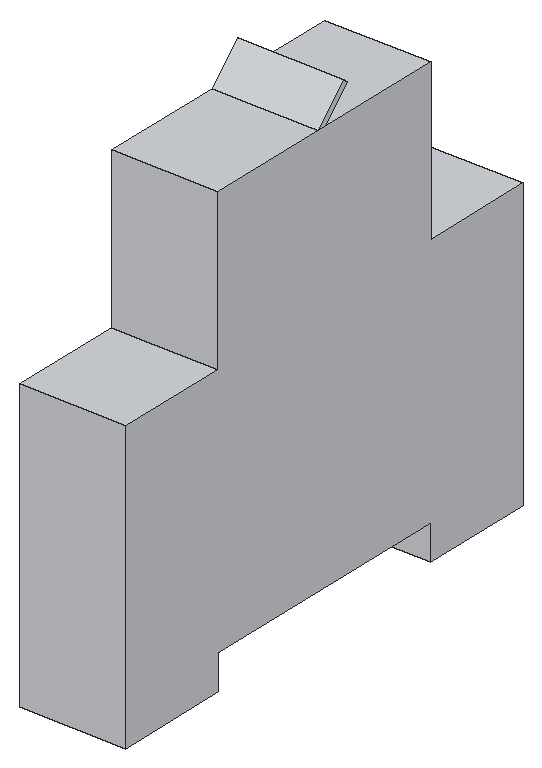
Revit family "Power-ModularDevices-GEWISS-90AM-RELASES_MPS", category Apparecchi elettrici, host Superficie, Revit 2016
Family settings
  Host = Superficie
  Mantenere orientamento annotazione = Sì
  Tipo di parte = Normale
  Quota connettore circolare = Usa diametro
  Numero OmniClass = 23.80.50.00
  Titolo OmniClass = Terminals for Power Supply
  Taglio con vuoti quando caricato = No
  Condiviso = No
  Punto di calcolo locali = Sì
Parameters (values of type "GW96770 - UNDER VOLTAGE RELEASES MPS 400V")
  potenza in watt = 0 V
  carico = Altro
  Version file RFA = "18.0"
  URL = "https://www.gewiss.com/ww/en"
  Technical sheet = "https://www.gewiss.com/ww/en/search?q=GW96770"
  Spostamento_x = -340 mm
  SS [instance] = 69.967 mm
  SIMBOLO IN PIANTA [instance] = yes
  SEO = "Release"
  Realized by GEWISS S.p.A. = ""
  Rated voltage (V) = "400 ac"
  Rated voltage = "400Vac"
  Default Elevation = 1219.2 mm
  Produttore = "GEWISS S.p.A."
  Numero di poli = 1
  Spost_x_eff [instance] = 4000 mm + Spostamento_x  # 3660 mm
  No. of modules EN 50022 = "1"
  No. Chorus modules = "1"
  Modello = "GW96770"
  Immagine tipo = GW96770.jpg
  IFC.TypeObject = ""
  IFC.ExportType = ""
  IFC.ExportAs = ""
  IDT = "b0d06194-5e63-4575-adf9-f55bbd5faea3"
  IDF = "0853d5eb-5065-40ff-990a-670f492df11c"
  Electrocod = "140"
  EAN code = "8011564189911"
  Descrizione = "UNDER VOLTAGE RELEASES MPS 400V"
  Catalogue Range = "90 AM"
  Catalogue = "POWER"
  COBie.Tagnumber = ""
  COBie.CreatedOn = ""
  COBie.CreatebBy = ""
  COBie.ComponentRegisterItemID = ""
  COBie.Component.TagNumber = ""
  COBie.Component.Space = ""
  COBie.Component.SerialNumber = ""
  COBie.Component.InstallationDate = ""
  COBie.Component.Description = ""
  COBie.Component.BarCode = ""
  Barra_DIN [instance] = 0 mm
Types (4, lengths in mm): name | URL | Technical sheet | Rated voltage (V) | Rated voltage | Produttore | Modello | Immagine tipo | IDT | EAN code | Descrizione
  (no name) | 0 | "" | "" | "" | "GEWISS" | "GW96767" | GW96767.jpg | "" | "" | "SGANCIATORE A LANCIO DI CORRENTE 110 - 415V AC SALVAMOTORI"
  GW96770 - UNDER VOLTAGE RELEASES MPS 400V | "https://www.gewiss.com/ww/en" | "https://www.gewiss.com/ww/en/search?q=GW96770" | "400 ac" | "400Vac" | "GEWISS S.p.A." | "GW96770" | GW96770.jpg | "b0d06194-5e63-4575-adf9-f55bbd5faea3" | "8011564189911" | "UNDER VOLTAGE RELEASES MPS 400V"
  GW96769 - UNDER VOLTAGE RELEASES MPS 230V | "https://www.gewiss.com/ww/en" | "https://www.gewiss.com/ww/en/search?q=GW96769" | "230 ac" | "230Vac" | "GEWISS S.p.A." | "GW96769" | GW96769.jpg | "a46d783c-e834-462a-9e2f-19feb5bf3703" | "8011564189904" | "UNDER VOLTAGE RELEASES MPS 230V"
  GW96767 - SHUNT TRIP RELEASES MPS 110-415 V | "https://www.gewiss.com/ww/en" | "https://www.gewiss.com/ww/en/search?q=GW96767" | "110-415 ac" | "110-415Vac" | "GEWISS S.p.A." | "GW96767" | GW96767.jpg | "cb93e548-afa2-4ae8-b72c-82a38f91545a" | "8011564189881" | "SHUNT TRIP RELEASES MPS 110-415 V"
Values of the unnamed type that differ from the named types
  Version file RFA = ""
  SEO = ""
  No. of modules EN 50022 = ""
  No. Chorus modules = ""
  IDF = ""
  Electrocod = ""
  Catalogue Range = ""
  Catalogue = ""
Reference planes
  plane 1 "Centro (Fronte/Retro)": y = 0
  plane 2: z = 0
  plane 3 "Centro (Sinistra/Destra)": x = 0
  plane 4: z = 0
Dimensions and locks
  "Barra_DIN": host face to plane 4
  aligned and locked: plane 2 to host face
  aligned and locked: level to host face
  aligned and locked: plane 3 "Centro (Sinistra/Destra)" to nested 1
  aligned and locked: plane 1 "Centro (Fronte/Retro)" to nested 1
Automatic sketch dimensions
  host sketch curve to host sketch curve = 6519.2 mm
  host sketch curve to host sketch curve = 4328.142 mm
Nested families
  nested 1: "GENERICO - 90AM SGANCIATORI PER SALVAMOTORI" at (0, 0, 7), type "GENERICO - 90AM SGANCIATORI PER SALVAMOTORI"
  nested 2: "MIN TEN" at (0, 79.476, 0), visible <- "SIMBOLO IN PIANTA", type "MIN TEN"
Connectors
  electrical at (0, 42, 25.5)
    settings: on nested 1, index 1, voltage 0 V, apparent load 0 VA, apparent load phase1 0 VA, apparent load phase2 0 VA, apparent load phase3 0 VA, power factor 1, load classification "Altro", number of poles 1, system type 31, power factor state 1, is connector primary yes, connector utility no, sub classification motor no, connector description ""
Definition of nested family "GENERICO - 90AM SGANCIATORI PER SALVAMOTORI"
  Parameters (values of type "GENERICO - 90AM SGANCIATORI PER SALVAMOTORI")
    h_barra din = if(Altezza barre = 1 mm, 69.9 mm, if(Altezza barre = 2 mm, 115.8 mm, 0 mm))  # 0 mm
    Default Elevation = 1219.2 mm
    H = if(AB_O = 1, AB_V, if(AB_O = 2, AB_H, 50.8 mm))  # 50.8 mm
    Dist barra din = 0 mm  # constant formula
    C1 = 49 mm  # constant formula
    C = 70 mm  # constant formula
    B = 84 mm  # constant formula
    Altezza barre = 5 mm  # constant formula
    AB_V = 3 mm  # constant formula
    AB_H = 5 mm  # constant formula
    AB_O = 0  # constant formula
    A = 18 mm  # constant formula
  Reference planes
    plane 1 "Centro (Fronte/Retro)": y = 0
    plane 2: z = 0
    plane 3 "Centro (Sinistra/Destra)": x = 0
    plane 4: y = -42
    plane 5: y = 42
    plane 6: z = 0
    plane 7: z = -6
    plane 8 "top": z = 70
    plane 9 "incasso": z = 43
    plane 10: y = -22.5
    plane 11: y = 22.5
    plane 12: x = -9
    plane 13: x = 9
    plane 14: through (4267.2, -42.5, 9) normal (0, -0.1901, 0.9818)
    plane 15 "POSIZIONE": z = 70
    plane 16: y = 3.75
    plane 17: y = -3.75
    plane 18: through (-18, -1524, 18.5) normal (-0.891, 0, -0.454)
    plane 19: through (-36.892, 84.001, 1200) normal (0.9205, -0.3907, 0)
    plane 20: through (63.319, -123.627, 1200) normal (-0.9925, 0.1219, 0)
    plane 21: x = -4
    plane 22: x = 4
    plane 23: z = 65
    plane 24: x = -1.458
    plane 25: x = 1.458
  Forms (mm)
    Extrusion 1, solid
      sketch origin (0, 0, 0) x (0, 1, 0) y (0, 0, 1)
        loop
          line (-22.5, 0) -> (22.5, 0) -> (22.5, -6) -> (42, -6) -> (42, 43) -> (22.5, 43) -> (22.5, 70) -> (-22.5, 70) -> (-22.5, 43) -> (-42, 43) -> (-42, -6) -> (-22.5, -6) -> (-22.5, 0)
      from -9 to 9
    Extrusion 2, solid
      sketch origin (0, 0, 0) x (0, 1, 0) y (0, 0, 1)
        loop
          line (0, 70) -> (4.778, 74.778) -> (4.175, 75.38) -> (-1.206, 70) -> (0, 70)
      from -9 to 9
  Lines and regions (mm)
    symbolic lines
      curve 1: line (0, 0, 15) -> (0, 0, -6)
      curve 2: line (0, -22.5, 0) -> (0, 22.5, 0)
    model lines
      curve 3: line (-9, 42, 43) -> (-9, 22.5, 43)
      curve 4: line (9, 42, 43) -> (9, 22.5, 43)
      curve 5: line (-9, -22.5, 43) -> (-9, -42, 43)
      curve 6: line (9, -22.5, 43) -> (9, -42, 43)
      curve 7: line (-9, 22.5, 70) -> (-9, 3.75, 70)
      curve 8: line (9, 22.5, 70) -> (9, 3.75, 70)
    model lines, detail levels medium+fine
      curve 9: line (-0.24, 35.673, 43) -> (-1.534, 35.326, 43)
      curve 10: line (-1.534, 35.326, 43) -> (-2.481, 34.38, 43)
      curve 11: line (-2.481, 34.38, 43) -> (-2.827, 33.086, 43)
      curve 12: line (-2.827, 33.086, 43) -> (-2.481, 31.793, 43)
      curve 13: line (-2.481, 31.793, 43) -> (-1.534, 30.846, 43)
      curve 14: line (-1.534, 30.846, 43) -> (-0.24, 30.499, 43)
      curve 15: line (-0.24, 30.499, 43) -> (1.053, 30.846, 43)
      curve 16: line (1.053, 30.846, 43) -> (2, 31.793, 43)
      curve 17: line (2, 31.793, 43) -> (2.346, 33.086, 43)
      curve 18: line (2.346, 33.086, 43) -> (2, 34.38, 43)
      curve 19: line (2, 34.38, 43) -> (1.053, 35.326, 43)
      curve 20: line (1.053, 35.326, 43) -> (-0.24, 35.673, 43)
      curve 21: line (-4.968, -8.819, 70) -> (-4.968, -1.206, 70)
      curve 22: line (5.016, -1.206, 70) -> (5.016, -8.819, 70)
      curve 23: line (-9, -8.819, 70) -> (9, -8.819, 70)
      curve 24: line (3.52, 10.436, 70) -> (8.796, 8.244, 70)
      curve 25: line (-8.749, 8.244, 70) -> (-3.473, 10.436, 70)
      curve 26: line (-9, -13.819, 70) -> (9, -13.819, 70)
      curve 112: line (-9, 10.436, 70) -> (9, 10.436, 70)
      curve 113: line (-1.513, -42, 43) -> (-1.513, -29.5, 43)
      curve 114: line (-1.513, -29.5, 43) -> (6, -29.5, 43)
      curve 115: line (6, -29.5, 43) -> (6, -42, 43)
      curve 116: line (1.968, -28.292, 43) -> (0.804, -27.98, 43)
      curve 117: line (0.804, -27.98, 43) -> (-0.048, -27.128, 43)
      curve 118: line (-0.048, -27.128, 43) -> (-0.36, -25.964, 43)
      curve 119: line (-0.36, -25.964, 43) -> (-0.048, -24.8, 43)
      curve 120: line (-0.048, -24.8, 43) -> (0.804, -23.948, 43)
      curve 121: line (0.804, -23.948, 43) -> (1.968, -23.636, 43)
      curve 122: line (1.968, -23.636, 43) -> (3.132, -23.948, 43)
      curve 123: line (3.132, -23.948, 43) -> (3.984, -24.8, 43)
      curve 124: line (3.984, -24.8, 43) -> (4.296, -25.964, 43)
      curve 125: line (4.296, -25.964, 43) -> (3.984, -27.128, 43)
      curve 126: line (3.984, -27.128, 43) -> (3.132, -27.98, 43)
      curve 127: line (3.132, -27.98, 43) -> (1.968, -28.292, 43)
      curve 128: line (1.968, -35.534, 43) -> (0.933, -35.256, 43)
      curve 129: line (0.933, -35.256, 43) -> (0.176, -34.499, 43)
      curve 130: line (0.176, -34.499, 43) -> (-0.102, -33.464, 43)
      curve 131: line (-0.102, -33.464, 43) -> (0.176, -32.429, 43)
      curve 132: line (0.176, -32.429, 43) -> (0.933, -31.672, 43)
      curve 133: line (0.933, -31.672, 43) -> (1.968, -31.395, 43)
      curve 134: line (1.968, -31.395, 43) -> (3.003, -31.672, 43)
      curve 135: line (3.003, -31.672, 43) -> (3.76, -32.429, 43)
      curve 136: line (3.76, -32.429, 43) -> (4.037, -33.464, 43)
      curve 137: line (4.037, -33.464, 43) -> (3.76, -34.499, 43)
      curve 138: line (3.76, -34.499, 43) -> (3.003, -35.256, 43)
      curve 139: line (3.003, -35.256, 43) -> (1.968, -35.534, 43)
      curve 140: line (1.968, -40.534, 43) -> (0.933, -40.256, 43)
      curve 141: line (0.933, -40.256, 43) -> (0.176, -39.499, 43)
      curve 142: line (0.176, -39.499, 43) -> (-0.102, -38.464, 43)
      curve 143: line (-0.102, -38.464, 43) -> (0.176, -37.429, 43)
      curve 144: line (0.176, -37.429, 43) -> (0.933, -36.672, 43)
      curve 145: line (0.933, -36.672, 43) -> (1.968, -36.395, 43)
      curve 146: line (1.968, -36.395, 43) -> (3.003, -36.672, 43)
      curve 147: line (3.003, -36.672, 43) -> (3.76, -37.429, 43)
      curve 148: line (3.76, -37.429, 43) -> (4.037, -38.464, 43)
      curve 149: line (4.037, -38.464, 43) -> (3.76, -39.499, 43)
      curve 150: line (3.76, -39.499, 43) -> (3.003, -40.256, 43)
      curve 151: line (3.003, -40.256, 43) -> (1.968, -40.534, 43)
    model lines, detail levels fine
      curve 27: line (-5.053, -19.459, 70) -> (-5.053, -21.475, 70)
      curve 28: line (-5.053, -21.475, 70) -> (-5.728, -21.475, 70)
      curve 29: line (-5.728, -21.475, 70) -> (-6.12, -21.426, 70)
      curve 30: line (-6.12, -21.426, 70) -> (-6.599, -21.214, 70)
      curve 31: line (-6.599, -21.214, 70) -> (-6.98, -20.861, 70)
      curve 32: line (-6.98, -20.861, 70) -> (-7.232, -20.385, 70)
      curve 33: line (-7.232, -20.385, 70) -> (-7.31, -19.878, 70)
      curve 34: line (-7.31, -19.878, 70) -> (-7.234, -19.41, 70)
      curve 35: line (-7.234, -19.41, 70) -> (-7.032, -18.998, 70)
      curve 36: line (-7.032, -18.998, 70) -> (-6.669, -18.622, 70)
      curve 37: line (-6.669, -18.622, 70) -> (-6.229, -18.394, 70)
      curve 38: line (-6.229, -18.394, 70) -> (-5.735, -18.312, 70)
      curve 39: line (-5.735, -18.312, 70) -> (-5.053, -18.312, 70)
      curve 40: line (-5.053, -18.312, 70) -> (-5.053, -19.181, 70)
      curve 41: line (-5.053, -19.181, 70) -> (-6.2, -19.181, 70)
      curve 42: line (-6.2, -19.181, 70) -> (-6.2, -20.606, 70)
      curve 43: line (-6.2, -20.606, 70) -> (-5.921, -20.606, 70)
      curve 44: line (-5.921, -20.606, 70) -> (-5.921, -19.459, 70)
      curve 45: line (-5.921, -19.459, 70) -> (-5.053, -19.459, 70)
      curve 46: line (-2.324, -21.475, 70) -> (-4.775, -21.475, 70)
      curve 47: line (-4.775, -21.475, 70) -> (-4.775, -18.312, 70)
      curve 48: line (-4.775, -18.312, 70) -> (-3.471, -18.312, 70)
      curve 49: line (-3.471, -18.312, 70) -> (-3.471, -19.181, 70)
      curve 50: line (-3.471, -19.181, 70) -> (-3.906, -19.181, 70)
      curve 51: line (-3.906, -19.181, 70) -> (-3.906, -19.459, 70)
      curve 52: line (-3.906, -19.459, 70) -> (-2.325, -19.459, 70)
      curve 53: line (-2.325, -19.459, 70) -> (-2.325, -20.328, 70)
      curve 54: line (-2.325, -20.328, 70) -> (-3.906, -20.328, 70)
      curve 55: line (-3.906, -20.328, 70) -> (-3.906, -20.606, 70)
      curve 56: line (-3.906, -20.606, 70) -> (-2.324, -20.606, 70)
      curve 57: line (-2.324, -20.606, 70) -> (-2.324, -21.475, 70)
      curve 58: line (2.107, -21.475, 70) -> (2.107, -19.459, 70)
      curve 59: line (2.107, -19.459, 70) -> (1.238, -19.459, 70)
      curve 60: line (1.238, -19.459, 70) -> (1.238, -21.475, 70)
      curve 61: line (1.238, -21.475, 70) -> (2.107, -21.475, 70)
      curve 62: line (-0.804, -21.475, 70) -> (-0.543, -20.172, 70)
      curve 63: line (-0.543, -20.172, 70) -> (-0.282, -21.475, 70)
      curve 64: line (-0.282, -21.475, 70) -> (0.587, -21.475, 70)
      curve 65: line (0.587, -21.475, 70) -> (1.125, -19.181, 70)
      curve 66: line (1.125, -19.181, 70) -> (2.107, -19.181, 70)
      curve 67: line (2.107, -19.181, 70) -> (2.107, -18.312, 70)
      curve 68: line (2.107, -18.312, 70) -> (0.439, -18.312, 70)
      curve 69: line (0.439, -18.312, 70) -> (0.126, -19.65, 70)
      curve 70: line (0.126, -19.65, 70) -> (-0.091, -18.312, 70)
      curve 71: line (-0.091, -18.312, 70) -> (-0.995, -18.312, 70)
      curve 72: line (-0.995, -18.312, 70) -> (-1.212, -19.65, 70)
      curve 73: line (-1.212, -19.65, 70) -> (-1.525, -18.312, 70)
      curve 74: line (-1.525, -18.312, 70) -> (-3.193, -18.312, 70)
      curve 75: line (-3.193, -18.312, 70) -> (-3.193, -19.181, 70)
      curve 76: line (-3.193, -19.181, 70) -> (-2.211, -19.181, 70)
      curve 77: line (-2.211, -19.181, 70) -> (-1.674, -21.475, 70)
      curve 78: line (-1.674, -21.475, 70) -> (-0.804, -21.475, 70)
      curve 79: line (4.836, -18.312, 70) -> (2.385, -18.312, 70)
      curve 80: line (2.385, -18.312, 70) -> (2.385, -20.328, 70)
      curve 81: line (2.385, -20.328, 70) -> (3.967, -20.328, 70)
      curve 82: line (3.967, -20.328, 70) -> (3.967, -20.606, 70)
      curve 83: line (3.967, -20.606, 70) -> (2.385, -20.606, 70)
      curve 84: line (2.385, -20.606, 70) -> (2.385, -21.475, 70)
      curve 85: line (2.385, -21.475, 70) -> (4.836, -21.475, 70)
      curve 86: line (4.836, -21.475, 70) -> (4.836, -19.459, 70)
      curve 87: line (4.836, -19.459, 70) -> (3.254, -19.459, 70)
      curve 88: line (3.254, -19.459, 70) -> (3.254, -19.181, 70)
      curve 89: line (3.254, -19.181, 70) -> (4.836, -19.181, 70)
      curve 90: line (4.836, -19.181, 70) -> (4.836, -18.312, 70)
      curve 91: line (5.114, -18.312, 70) -> (5.114, -20.328, 70)
      curve 92: line (5.114, -20.328, 70) -> (6.589, -20.328, 70)
      curve 93: line (6.589, -20.328, 70) -> (6.589, -20.606, 70)
      curve 94: line (6.589, -20.606, 70) -> (5.114, -20.606, 70)
      curve 95: line (5.114, -20.606, 70) -> (5.114, -21.475, 70)
      curve 96: line (5.114, -21.475, 70) -> (5.983, -21.475, 70)
      curve 97: line (5.983, -21.475, 70) -> (6.485, -21.314, 70)
      curve 98: line (6.485, -21.314, 70) -> (6.808, -21.103, 70)
      curve 99: line (6.808, -21.103, 70) -> (7.179, -20.648, 70)
      curve 100: line (7.179, -20.648, 70) -> (7.352, -20.137, 70)
      curve 101: line (7.352, -20.137, 70) -> (7.357, -19.684, 70)
      curve 102: line (7.357, -19.684, 70) -> (7.31, -19.459, 70)
      curve 103: line (7.31, -19.459, 70) -> (5.983, -19.459, 70)
      curve 104: line (5.983, -19.459, 70) -> (5.983, -19.181, 70)
      curve 105: line (5.983, -19.181, 70) -> (7.191, -19.181, 70)
      curve 106: line (7.191, -19.181, 70) -> (7.034, -18.919, 70)
      curve 107: line (7.034, -18.919, 70) -> (6.808, -18.684, 70)
      curve 108: line (6.808, -18.684, 70) -> (6.494, -18.478, 70)
      curve 109: line (6.494, -18.478, 70) -> (6.165, -18.358, 70)
      curve 110: line (6.165, -18.358, 70) -> (5.796, -18.312, 70)
      curve 111: line (5.796, -18.312, 70) -> (5.114, -18.312, 70)
  Text (mm)
    text "AB_V" at (0, 50.868, 44.72), in view "Destra"
    text "AB_O" at (0, -80.659, 111.963), in view "Destra"
    text "AB_O" at (-90.351, 0, 31.414), in view "Anteriore"
    text "AB_V=0" at (25.467, -49.469, 0), in view "Livello rif."
  Dimensions and locks
    equal spacing: plane 4, plane 1 "Centro (Fronte/Retro)", plane 5
    "B": plane 4 to plane 5
    "Dist barra din": plane 6 to level
    locked: plane 6 to plane 7 at 6
    "C": plane 15 "POSIZIONE" to plane 6
    equal spacing: plane 10, plane 1 "Centro (Fronte/Retro)", plane 11
    plane 10 to plane 11 = 45 mm
    equal spacing: plane 12, plane 3 "Centro (Sinistra/Destra)", plane 13
    "A": plane 12 to plane 13
    "C1": plane 9 "incasso" to plane 7
    plane 12 to plane 13 = 18 mm
    equal spacing: plane 21, plane 3 "Centro (Sinistra/Destra)", plane 22
    equal spacing: plane 17, plane 1 "Centro (Fronte/Retro)", plane 16
    plane 17 to plane 16 = 7.5 mm
    locked: plane 15 "POSIZIONE" to plane 23 at 5
    equal spacing: plane 24, plane 3 "Centro (Sinistra/Destra)", plane 25
    angle level to plane 14 = 10.9557°
    angle plane 4 to plane 8 "top" = 90.00°
    angle plane 15 "POSIZIONE" to plane 13 = 90.00°
    angle plane 7 to plane 18 = 117.00°
    angle plane 19 to plane 20 = 16.00°
    angle plane 20 to plane 13 = 7.00°
    aligned and locked: level to plane 2
    aligned and locked: Extrusion 1 sketch curve to plane 6
    aligned and locked: Extrusion 1 sketch curve to plane 7
    aligned and locked: Extrusion 1 sketch curve to plane 4
    aligned and locked: Extrusion 1 sketch curve to plane 9 "incasso"  (x2)
    aligned and locked: Extrusion 1 sketch curve to plane 11  (x2)
    aligned and locked: Extrusion 1 sketch curve to plane 5
    aligned and locked: Extrusion 1 sketch curve to plane 10  (x2)
    aligned and locked: plane 1 "Centro (Fronte/Retro)" to curve 1
    aligned and locked: Extrusion 1 to plane 6
    aligned and locked: Extrusion 1 to plane 12
    aligned and locked: plane 13 to Extrusion 1
    aligned and locked: plane 15 "POSIZIONE" to Extrusion 1 sketch curve
    aligned and locked: Extrusion 2 to plane 12
    aligned and locked: plane 13 to Extrusion 2
  Automatic sketch dimensions
    Extrusion 1 sketch curve to plane 7 = 0 mm
    curve 2 to level = 0 mm
    curve 2 to plane 10 = 0 mm
    curve 2 to plane 11 = 0 mm
    curve 1 to plane 7 = 0 mm
    level to curve 1 = 15 mm
    curve 4 to plane 5 = 0 mm
    curve 3 to plane 5 = 0 mm
    curve 3 to plane 11 = 0 mm
    curve 4 to plane 11 = 0 mm
    curve 6 to plane 10 = 0 mm
    curve 5 to plane 10 = 0 mm
    curve 113 to plane 4 = 0 mm
    curve 115 to plane 4 = 0 mm
    curve 6 to plane 4 = 0 mm
    curve 5 to plane 4 = 0 mm
    curve 3 to plane 12 = 0 mm
    curve 5 to plane 12 = 0 mm
    curve 4 to plane 13 = 0 mm
    curve 6 to plane 13 = 0 mm
    curve 9 to plane 3 "Centro (Sinistra/Destra)" = 0.24 mm
    curve 9 to plane 5 = 6.327 mm
    curve 10 to plane 24 = 0.076 mm
    curve 9 to curve 10 = 0.347 mm
    curve 20 to plane 25 = 0.405 mm
    curve 9 to curve 20 = 0.347 mm
    curve 11 to plane 24 = 1.023 mm
    curve 9 to curve 11 = 0.947 mm
    plane 25 to curve 19 = 0.542 mm
    curve 19 to curve 19 = 0.947 mm
    plane 21 to curve 11 = 1.173 mm
    curve 10 to curve 11 = 1.293 mm
    plane 25 to curve 17 = 0.889 mm
    curve 18 to curve 17 = 1.293 mm
    plane 25 to curve 16 = 0.542 mm
    curve 17 to curve 16 = 1.293 mm
    curve 12 to plane 24 = 1.023 mm
    curve 11 to curve 12 = 1.293 mm
    curve 15 to plane 25 = 0.405 mm
    curve 16 to curve 15 = 0.947 mm
    curve 13 to plane 24 = 0.076 mm
    curve 12 to curve 13 = 0.947 mm
    curve 14 to plane 3 "Centro (Sinistra/Destra)" = 0.24 mm
    curve 15 to curve 14 = 0.347 mm
    plane 25 to curve 121 = 0.51 mm
    curve 121 to plane 10 = 1.136 mm
    curve 121 to plane 25 = 0.654 mm
    curve 121 to curve 121 = 0.312 mm
    curve 121 to curve 122 = 0.312 mm
    curve 119 to plane 3 "Centro (Sinistra/Destra)" = 0.048 mm
    curve 121 to curve 119 = 0.852 mm
    curve 123 to plane 22 = 0.016 mm
    curve 122 to curve 123 = 0.852 mm
    curve 119 to plane 3 "Centro (Sinistra/Destra)" = 0.36 mm
    curve 119 to curve 119 = 1.164 mm
    plane 22 to curve 125 = 0.296 mm
    curve 123 to curve 125 = 1.164 mm
    curve 125 to plane 22 = 0.016 mm
    curve 124 to curve 125 = 1.164 mm
    curve 118 to plane 3 "Centro (Sinistra/Destra)" = 0.048 mm
    curve 118 to curve 118 = 1.164 mm
    curve 116 to plane 25 = 0.654 mm
    curve 117 to curve 116 = 0.852 mm
    curve 127 to plane 22 = 0.868 mm
    curve 125 to curve 127 = 0.852 mm
    plane 25 to curve 127 = 0.51 mm
    curve 126 to curve 127 = 0.312 mm
    curve 125 to curve 114 = 2.372 mm
    plane 25 to curve 134 = 0.51 mm
    curve 116 to curve 134 = 3.102 mm
    curve 134 to plane 22 = 0.997 mm
    curve 133 to curve 134 = 0.277 mm
    curve 133 to plane 25 = 0.525 mm
    curve 133 to curve 133 = 0.277 mm
    plane 3 "Centro (Sinistra/Destra)" to curve 132 = 0.176 mm
    curve 133 to curve 132 = 0.757 mm
    curve 136 to plane 22 = 0.24 mm
    curve 134 to curve 136 = 0.757 mm
    plane 22 to curve 136 = 0.037 mm
    curve 136 to curve 136 = 1.035 mm
    curve 130 to plane 3 "Centro (Sinistra/Destra)" = 0.102 mm
    curve 131 to curve 130 = 1.035 mm
    curve 137 to plane 22 = 0.24 mm
    curve 137 to curve 137 = 1.035 mm
    plane 3 "Centro (Sinistra/Destra)" to curve 130 = 0.176 mm
    curve 130 to curve 130 = 1.035 mm
    curve 128 to plane 25 = 0.525 mm
    curve 129 to curve 128 = 0.757 mm
    curve 138 to plane 22 = 0.997 mm
    curve 137 to curve 138 = 0.757 mm
    plane 25 to curve 139 = 0.51 mm
    curve 138 to curve 139 = 0.277 mm
    plane 25 to curve 146 = 0.51 mm
    curve 128 to curve 146 = 0.861 mm
    curve 146 to plane 22 = 0.997 mm
    curve 145 to curve 146 = 0.277 mm
    curve 145 to plane 25 = 0.525 mm
    curve 145 to curve 145 = 0.277 mm
    curve 147 to plane 22 = 0.24 mm
    curve 146 to curve 147 = 0.757 mm
    plane 3 "Centro (Sinistra/Destra)" to curve 144 = 0.176 mm
    curve 144 to curve 144 = 0.757 mm
    plane 22 to curve 148 = 0.037 mm
    curve 148 to curve 148 = 1.035 mm
    curve 142 to plane 3 "Centro (Sinistra/Destra)" = 0.102 mm
    curve 143 to curve 142 = 1.035 mm
    plane 3 "Centro (Sinistra/Destra)" to curve 141 = 0.176 mm
    curve 142 to curve 141 = 1.035 mm
    curve 149 to plane 22 = 0.24 mm
    curve 148 to curve 149 = 1.035 mm
    curve 149 to curve 151 = 0.757 mm
    curve 140 to plane 25 = 0.525 mm
    curve 141 to curve 140 = 0.757 mm
    plane 25 to curve 140 = 0.51 mm
    curve 150 to curve 140 = 0.277 mm
    curve 113 to plane 24 = 0.055 mm
    curve 151 to plane 22 = 0.997 mm
    curve 123 to plane 22 = 0.868 mm
    plane 22 to curve 114 = 2 mm
    curve 7 to plane 12 = 0 mm
    curve 8 to plane 13 = 0 mm
    plane 16 to curve 7 = 0 mm
    plane 16 to curve 8 = 0 mm
    curve 8 to plane 11 = 0 mm
    curve 7 to plane 11 = 0 mm
    Extrusion 2 sketch curve to plane 8 "top" = 0 mm
    Extrusion 2 sketch curve to plane 1 "Centro (Fronte/Retro)" = 0 mm
    plane 1 "Centro (Fronte/Retro)" to Extrusion 2 sketch curve = 1.206 mm
    Extrusion 2 sketch curve to plane 16 = 0.425 mm
    Extrusion 2 sketch curve to Extrusion 2 sketch curve = 0.603 mm
    curve 112 to plane 13 = 0 mm
    curve 112 to plane 12 = 0 mm
    curve 23 to plane 13 = 0 mm
    curve 23 to plane 12 = 0 mm
    curve 26 to plane 12 = 0 mm
    curve 26 to plane 13 = 0 mm
    plane 12 to curve 25 = 0.251 mm
    curve 25 to plane 16 = 4.494 mm
    plane 22 to curve 111 = 1.114 mm
    plane 10 to curve 111 = 4.188 mm
    plane 21 to curve 48 = 0.529 mm
    plane 10 to curve 48 = 4.188 mm
    curve 90 to curve 91 = 0 mm
    curve 71 to plane 3 "Centro (Sinistra/Destra)" = 0.091 mm
    curve 71 to curve 79 = 0 mm
    plane 3 "Centro (Sinistra/Destra)" to curve 69 = 0.439 mm
    curve 70 to curve 69 = 0 mm
    curve 48 to curve 75 = 0 mm
    curve 38 to plane 21 = 1.735 mm
    curve 38 to curve 47 = 0 mm
    curve 110 to curve 110 = 0.045 mm
    curve 38 to curve 37 = 0.081 mm
    curve 109 to curve 109 = 0.12 mm
    curve 37 to curve 36 = 0.228 mm
    curve 108 to curve 108 = 0.207 mm
    curve 107 to curve 107 = 0.234 mm
    curve 36 to curve 35 = 0.376 mm
    plane 21 to curve 51 = 0.094 mm
    curve 48 to curve 51 = 0.869 mm
    curve 77 to plane 24 = 0.754 mm
    curve 73 to curve 77 = 0.869 mm
    curve 106 to curve 106 = 0.263 mm
    curve 39 to curve 40 = 0.869 mm
    curve 79 to curve 90 = 0.869 mm
    curve 67 to curve 67 = 0.869 mm
    curve 35 to curve 34 = 0.412 mm
    curve 50 to curve 52 = 0.278 mm
    curve 104 to curve 104 = 0.278 mm
    curve 66 to curve 58 = 0.278 mm
    curve 89 to curve 87 = 0.278 mm
    curve 40 to curve 45 = 0.278 mm
    plane 3 "Centro (Sinistra/Destra)" to curve 69 = 0.126 mm
    curve 65 to curve 69 = 0.469 mm
    plane 24 to curve 72 = 0.246 mm
    curve 76 to curve 72 = 0.469 mm
    curve 102 to curve 101 = 0.225 mm
    curve 34 to curve 34 = 0.468 mm
    curve 101 to curve 100 = 0.453 mm
    curve 63 to plane 3 "Centro (Sinistra/Destra)" = 0.543 mm
    curve 72 to curve 63 = 0.521 mm
    curve 86 to curve 92 = 0.869 mm
    curve 82 to plane 22 = 0.033 mm
    curve 87 to curve 82 = 0.869 mm
    curve 52 to curve 53 = 0.869 mm
    curve 33 to curve 32 = 0.507 mm
    curve 92 to curve 93 = 0.278 mm
    curve 80 to curve 83 = 0.278 mm
    curve 53 to curve 56 = 0.278 mm
    curve 32 to curve 43 = 0.222 mm
    curve 100 to curve 99 = 0.51 mm
    curve 32 to curve 31 = 0.476 mm
    curve 93 to curve 98 = 0.497 mm
    curve 31 to curve 30 = 0.353 mm
    curve 98 to curve 97 = 0.211 mm
    curve 30 to curve 30 = 0.212 mm
    curve 29 to curve 29 = 0.049 mm
    plane 10 to curve 78 = 1.025 mm
    curve 61 to plane 25 = 0.22 mm
    plane 10 to curve 61 = 1.025 mm
    curve 27 to curve 46 = 0 mm
    curve 97 to curve 97 = 0.161 mm
    curve 63 to plane 3 "Centro (Sinistra/Destra)" = 0.282 mm
    curve 62 to curve 63 = 0 mm
    curve 58 to curve 84 = 0 mm
    plane 12 to curve 33 = 1.69 mm
    curve 33 to curve 34 = 0.076 mm
    curve 33 to curve 32 = 0.078 mm
    curve 34 to curve 36 = 0.202 mm
    curve 32 to curve 32 = 0.252 mm
    curve 35 to curve 37 = 0.363 mm
    curve 31 to curve 30 = 0.381 mm
    curve 36 to curve 38 = 0.439 mm
    curve 30 to curve 42 = 0.399 mm
    curve 30 to curve 30 = 0.479 mm
    curve 42 to curve 43 = 0.279 mm
    curve 29 to curve 28 = 0.392 mm
    curve 28 to curve 27 = 0.675 mm
    curve 41 to curve 27 = 0 mm
    curve 27 to curve 47 = 0.278 mm
    plane 21 to curve 54 = 0.094 mm
    curve 49 to curve 75 = 0.278 mm
    curve 52 to curve 76 = 0.113 mm
    curve 46 to plane 24 = 0.867 mm
    curve 78 to plane 24 = 0.216 mm
    curve 74 to plane 24 = 0.067 mm
    plane 24 to curve 71 = 0.463 mm
    curve 62 to curve 63 = 0.521 mm
    plane 3 "Centro (Sinistra/Destra)" to curve 64 = 0.587 mm
    curve 65 to curve 59 = 0.113 mm
    plane 25 to curve 67 = 0.649 mm
    plane 25 to curve 61 = 0.649 mm
    curve 58 to curve 85 = 0.278 mm
    curve 81 to curve 83 = 0 mm
    curve 88 to plane 22 = 0.746 mm
    plane 22 to curve 90 = 0.836 mm
    plane 22 to curve 85 = 0.836 mm
    curve 95 to curve 91 = 0 mm
    curve 91 to curve 111 = 0.682 mm
    curve 86 to curve 103 = 1.147 mm
    curve 95 to curve 97 = 0.869 mm
    curve 110 to curve 110 = 0.369 mm
    curve 96 to curve 98 = 0.502 mm
    curve 109 to curve 109 = 0.329 mm
    curve 97 to curve 93 = 0.104 mm
    curve 108 to curve 107 = 0.315 mm
    curve 97 to curve 99 = 0.324 mm
    curve 107 to curve 106 = 0.226 mm
    curve 98 to curve 99 = 0.371 mm
    curve 106 to curve 106 = 0.157 mm
    curve 105 to curve 102 = 0.118 mm
    curve 99 to curve 101 = 0.172 mm
    curve 102 to curve 101 = 0.047 mm
    plane 1 "Centro (Fronte/Retro)" to curve 22 = 1.206 mm
    plane 1 "Centro (Fronte/Retro)" to curve 21 = 1.206 mm
    plane 17 to curve 23 = 5.069 mm
    curve 23 to curve 26 = 5 mm
    curve 21 to plane 21 = 0.968 mm
    plane 21 to curve 25 = 0.527 mm
    curve 24 to plane 22 = 0.48 mm
    plane 22 to curve 22 = 1.016 mm
    curve 112 to curve 25 = 2.193 mm
    curve 24 to plane 13 = 0.204 mm
    curve 112 to curve 24 = 2.193 mm
Definition of nested family "MIN TEN"
  Reference planes
    plane 1: y = 0
    plane 2: x = 0
  Lines and regions (mm)
    detail lines, not visible
      curve 1: line (0, 0, 0) -> (-0.001, 3.334, 0)
      curve 2: line (0.277, 3.334, 0) -> (-0.278, 3.334, 0)
      curve 3: line (-0.278, 3.334, 0) -> (-0.001, 4.223, 0)
      curve 4: line (-0.001, 4.223, 0) -> (0.277, 3.334, 0)
      curve 5: line (0.277, 3.334, 0) -> (-0.001, 4.223, 0)
      curve 6: line (-0.001, 4.223, 0) -> (-0.278, 3.334, 0)
      curve 7: line (-0.278, 3.334, 0) -> (0.277, 3.334, 0)
      curve 8: line (0.277, 3.334, 0) -> (-0.001, 4.223, 0)
      curve 9: line (-0.001, 4.223, 0) -> (-0.278, 3.334, 0)
      curve 10: line (-0.445, 4.612, 0) -> (0.444, 4.612, 0)
      curve 11: line (0.444, 4.612, 0) -> (0.444, 2.39, 0)
      curve 12: line (0.444, 2.39, 0) -> (-0.445, 2.389, 0)
      curve 13: line (-0.445, 2.389, 0) -> (-0.445, 4.612, 0)
      curve 14: line (5.101, 5.36, 0) -> (5.101, 6.027, 0)
      curve 15: line (4.934, 5.36, 0) -> (5.268, 5.36, 0)
      curve 16: line (4.545, 5.249, 0) -> (5.101, 4.082, 0)
      curve 17: line (5.101, 4.082, 0) -> (5.101, 1.026, 0)
    detail lines
      curve 18: line (-0.62, 5.823, 0) -> (0.62, 5.823, 0)
      curve 19: line (-0.62, 3.085, 0) -> (-0.62, 5.823, 0)
      curve 20: line (0.62, 3.085, 0) -> (-0.62, 3.085, 0)
      curve 21: line (0.62, 5.823, 0) -> (0.62, 3.085, 0)
      curve 22: line (0, 3.085, 0) -> (0, 0, 0)
  Text (mm)
    text "UV" at (-0.458, 5.919, 0)
